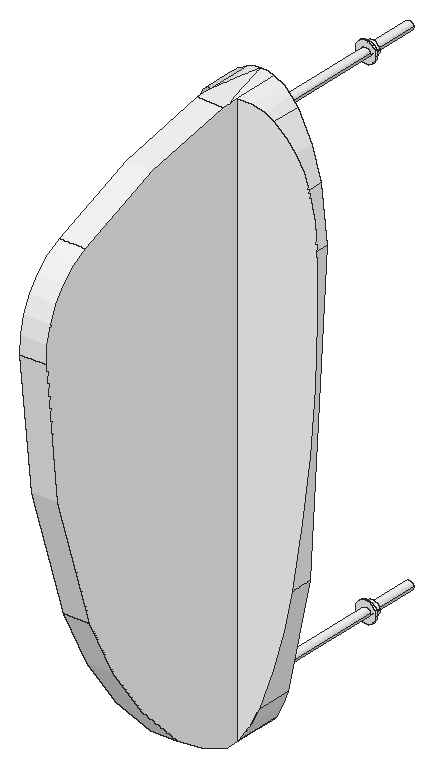
Revit family "NBS_WallgateLtd_WlHngUrnls_CWD-01", category Plumbing Fixtures, Revit 2014
Parameters (values of type "CWD-01")
  Weight = "13.5 kg"
  WaterSupplyOverflowAndWasteWaste = "n/a"
  WaterSupplyOverflowAndWasteOverflow = "n/a"
  WaterSupplyOverflowAndWasteHolesWaterSupply = "n/a"
  WasteOptions = ""
  WarrantyStartDate [instance] = "1900-12-31T23:59:59"
  WarrantyGuarantorParts = "n/a"
  WarrantyGuarantorLabor = "n/a"
  WarrantyDurationUnit = "year"
  WarrantyDurationParts = "1"
  WarrantyDurationLabor = "n/a"
  WarrantyDescription = "n/a"
  WallThicknessOptions = ""
  WallThicknessCalc [instance] = if(WallThickness > MaximumWallThickness, MaximumWallThickness, WallThickness)  # 150 mm
  WallThickness [instance] = 200 mm
  Version = "1"
  UrinalType = "Other"
  UrinalMaterial = "High-grade solid surface material"
  UrinalDividerMaterial = NBS_Concept
  UrinalColor = "n/a"
  Uniclass2 = "45-31-93/482"
  ThirdPartyCertification = "n/a"
  TagNumber [instance] = "n/a"
  SustainabilityPerformance = "n/a"
  Standards = "n/a"
  SpilloverLevel = 0 mm
  Size = "675 x 150 x 327 mm"
  Shape = "n/a"
  SerialNumber [instance] = "n/a"
  Revision = "n/a"
  ReplacementCost = "n/a"
  ProductInformation = "www.wallgate.com/products/urinals-and-accessories/cwu-urinal-shroud-dividers"
  OperationCompatibility = ""
  NominalWidth = 150 mm
  NominalLength = 0 mm
  NominalHeight = 675 mm
  NominalDepth = 327 mm
  Name = "WallHungUrinals_CWD-01_WallgateLtd"
  NBSTypeID = "n/a"
  NBSReference = "45-35-70/350"
  NBSOfficeMasterTag = "n/a"
  NBSNote = "n/a"
  NBSDescription = "Wall hung urinals"
  NBSCertification = "www.nationalbimlibrary.com/cert/qjaw4alj"
  ModelReference = "n/a"
  ModelNumber = "CWD-01"
  MaximumWallThickness = 150 mm
  MaterialsColourAndFinish = "n/a"
  MaterialsBody = "Solid surface"
  Material = "Solid surface"
  ManufacturerURL = "www.wallgate.com"
  ManufacturerName = "Wallgate Ltd"
  Manufacturer = "sales@wallgate.com"  # constant formula
  IntegralAccessoryOptions = "CWU Urinals, CWUS Urinal Shroud, CIST Cisterns, DFKIT-CWU Potable Direct Flush Valves, WDC Electronic Controllers"
  IntegralAccessories = "n/a"
  InstallationDate [instance] = "1900-12-31T23:59:59"
  IfcExportType = "URINAL"
  IfcExportAs = "IfcSanitaryTerminalType"
  Grade = "n/a"
  FixingMaterial = NBS_Concept
  Finish = "n/a"
  Features = "n/a"
  ExpectedLife = "n/a"
  DurationUnit = "year"
  Durability = "Compliant to Grade 5"
  Description = "Anti-vandal solid surface urinal divider"
  Constituents = "n/a"
  ConnectingDimensions = "n/a"
  ColourOptions = "MA - Thames, MAH - Frost, MAW - White, MC - Bluestone, MCA - Aubergine, MCB - Diamantina, MCC - Black, MCD - Orange, MCE - Pink, MO - Slate, MS - Hyco, MCJ - Light Grey, MCF - NHS Blue"
  Color = "n/a"
  CodePerformance = "n/a"
  Category = "n/a"
  BarCode [instance] = "n/a"
  BIMObjectName = "NBS_WallgateLtd_WallHungWashUrinal_CWD-01"
  Author = "NBS"
  AssetType = "Fixed"
  AssetIdentifier [instance] = "n/a"
  AccessibilityPerformance = "n/a"
Types (2, lengths in mm): name | NominalWidth | NominalHeight | NominalDepth | Description
  (no name) | 0 | 0 | 0 | 0
  CWD-01 | 150 | 675 | 327 | "Anti-vandal solid surface urinal divider"
Values of the unnamed type that differ from the named types
  Weight = ""
  WaterSupplyOverflowAndWasteWaste = ""
  WaterSupplyOverflowAndWasteOverflow = ""
  WaterSupplyOverflowAndWasteHolesWaterSupply = ""
  WarrantyStartDate = ""
  WarrantyGuarantorParts = ""
  WarrantyGuarantorLabor = ""
  WarrantyDurationUnit = ""
  WarrantyDurationParts = ""
  WarrantyDurationLabor = ""
  WarrantyDescription = ""
  Version = ""
  UrinalType = ""
  UrinalMaterial = ""
  UrinalColor = ""
  Uniclass2 = ""
  ThirdPartyCertification = ""
  TagNumber = ""
  SustainabilityPerformance = ""
  Standards = ""
  Size = ""
  Shape = ""
  SerialNumber = ""
  Revision = ""
  ReplacementCost = ""
  ProductInformation = ""
  Name = ""
  NBSTypeID = ""
  NBSReference = ""
  NBSOfficeMasterTag = ""
  NBSNote = ""
  NBSDescription = ""
  ModelReference = ""
  ModelNumber = ""
  MaterialsColourAndFinish = ""
  MaterialsBody = ""
  Material = ""
  ManufacturerURL = ""
  ManufacturerName = ""
  IntegralAccessoryOptions = ""
  IntegralAccessories = ""
  InstallationDate = ""
  IfcExportType = ""
  IfcExportAs = ""
  Grade = ""
  Finish = ""
  Features = ""
  ExpectedLife = ""
  DurationUnit = ""
  Durability = ""
  Constituents = ""
  ConnectingDimensions = ""
  ColourOptions = ""
  Color = ""
  CodePerformance = ""
  Category = ""
  BarCode = ""
  BIMObjectName = ""
  Author = ""
  AssetType = ""
  AssetIdentifier = ""
  AccessibilityPerformance = ""
Reference planes
  plane 1 "Center (Front/Back)": y = 0
  plane 2: z = 0
  plane 3 "Center (Left/Right)": x = 0
  plane 4: y = 150
Forms (mm)
  Extrusion 1, solid, material "NBS_Concept" <- "UrinalDividerMaterial"
    sketch origin (350, 0, 0) x (0, 1, 0) y (0, 0, 1)
      loop
        arc (-72, 720.843) -> (-173.57, 700.219) -> (-270.278, 662.944) r 619.313
        arc (-270.278, 662.944) -> (-312.544, 624.151) -> (-326.533, 568.513) r 100
        arc (-326.533, 568.513) -> (-309.498, 418.649) -> (-264.172, 274.791) r 786.589
        arc (-264.172, 274.791) -> (-211.3, 180.177) -> (-139.033, 99.402) r 493.041
        arc (-139.033, 99.402) -> (-98.33, 74.333) -> (-53.65, 57.339) r 253.861
        line (-53.65, 57.339) -> (0, 57.339) -> (0, 725.046)
        arc (0, 725.046) -> (-36.061, 723.994) -> (-72, 720.843) r 619.313
    from -365 to -335
  Extrusion 2, solid, material "NBS_Concept" <- "UrinalDividerMaterial"
    sketch origin (350, 0, 0) x (1, 0, 0) y (0, 0, 1)
      loop
        arc (-350, 725.046) -> (-357.661, 724.221) -> (-365, 721.874) r 38.161
        arc (-365, 721.874) -> (-380.135, 712.295) -> (-391.666, 698.59) r 58.549
        arc (-391.666, 698.59) -> (-408.651, 665.843) -> (-418.834, 630.387) r 185.854
        arc (-418.834, 630.387) -> (-423.191, 599.343) -> (-425, 568.046) r 383.952
        arc (-425, 568.046) -> (-421.54, 392.51) -> (-405.244, 217.698) r 2397.472
        arc (-405.244, 217.698) -> (-395.613, 155.77) -> (-380.541, 94.938) r 707.715
        arc (-380.541, 94.938) -> (-374.688, 78.77) -> (-366.934, 63.423) r 142.865
        arc (-366.934, 63.423) -> (-364.616, 60.845) -> (-361.556, 59.214) r 10
        spline (-361.556, 59.214) -> (-360.6, 58.915) -> (-359.642, 58.642) -> (-358.682, 58.395) -> (-357.721, 58.174) -> (-356.759, 57.978) -> (-355.796, 57.809) -> (-354.831, 57.666) -> (-353.866, 57.548) -> (-352.9, 57.457) -> (-351.934, 57.392) -> (-350.967, 57.353) -> (-350, 57.339)
        spline (-350, 57.339) -> (-349.033, 57.353) -> (-348.066, 57.392) -> (-347.1, 57.457) -> (-346.134, 57.548) -> (-345.169, 57.666) -> (-344.204, 57.809) -> (-343.241, 57.978) -> (-342.279, 58.174) -> (-341.318, 58.395) -> (-340.358, 58.642) -> (-339.4, 58.915) -> (-338.444, 59.214)
        arc (-338.444, 59.214) -> (-335.384, 60.845) -> (-333.066, 63.423) r 10
        arc (-333.066, 63.423) -> (-325.312, 78.77) -> (-319.459, 94.938) r 142.865
        arc (-319.459, 94.938) -> (-304.387, 155.77) -> (-294.756, 217.698) r 707.715
        arc (-294.756, 217.698) -> (-278.46, 392.51) -> (-275, 568.046) r 2397.472
        arc (-275, 568.046) -> (-276.809, 599.343) -> (-281.166, 630.387) r 383.952
        arc (-281.166, 630.387) -> (-291.349, 665.843) -> (-308.334, 698.59) r 185.854
        arc (-308.334, 698.59) -> (-319.865, 712.295) -> (-335, 721.874) r 58.549
        arc (-335, 721.874) -> (-342.339, 724.221) -> (-350, 725.046) r 38.161
    from 0 to 53.65
  Extrusion 3, void
    sketch origin (350, 0, 0) x (1, 0, 0) y (0, 0, 1)
      loop
        arc (-350, 725.046) -> (-357.661, 724.221) -> (-365, 721.874) r 38.161
        arc (-365, 721.874) -> (-380.135, 712.295) -> (-391.666, 698.59) r 58.549
        arc (-391.666, 698.59) -> (-408.651, 665.843) -> (-418.834, 630.387) r 185.854
        arc (-418.834, 630.387) -> (-423.191, 599.343) -> (-425, 568.046) r 383.952
        arc (-425, 568.046) -> (-421.54, 392.51) -> (-405.244, 217.698) r 2397.472
        arc (-405.244, 217.698) -> (-395.613, 155.77) -> (-380.541, 94.938) r 707.715
        arc (-380.541, 94.938) -> (-374.688, 78.77) -> (-366.934, 63.423) r 142.865
        arc (-366.934, 63.423) -> (-364.616, 60.845) -> (-361.556, 59.214) r 10
        spline (-361.556, 59.214) -> (-360.6, 58.915) -> (-359.642, 58.642) -> (-358.682, 58.395) -> (-357.721, 58.174) -> (-356.759, 57.978) -> (-355.796, 57.809) -> (-354.831, 57.666) -> (-353.866, 57.548) -> (-352.9, 57.457) -> (-351.934, 57.392) -> (-350.967, 57.353) -> (-350, 57.339)
        spline (-350, 57.339) -> (-349.033, 57.353) -> (-348.066, 57.392) -> (-347.1, 57.457) -> (-346.134, 57.548) -> (-345.169, 57.666) -> (-344.204, 57.809) -> (-343.241, 57.978) -> (-342.279, 58.174) -> (-341.318, 58.395) -> (-340.358, 58.642) -> (-339.4, 58.915) -> (-338.444, 59.214)
        arc (-338.444, 59.214) -> (-335.384, 60.845) -> (-333.066, 63.423) r 10
        arc (-333.066, 63.423) -> (-325.312, 78.77) -> (-319.459, 94.938) r 142.865
        arc (-319.459, 94.938) -> (-304.387, 155.77) -> (-294.756, 217.698) r 707.715
        arc (-294.756, 217.698) -> (-278.46, 392.51) -> (-275, 568.046) r 2397.472
        arc (-275, 568.046) -> (-276.809, 599.343) -> (-281.166, 630.387) r 383.952
        arc (-281.166, 630.387) -> (-291.349, 665.843) -> (-308.334, 698.59) r 185.854
        arc (-308.334, 698.59) -> (-319.865, 712.295) -> (-335, 721.874) r 58.549
        arc (-335, 721.874) -> (-342.339, 724.221) -> (-350, 725.046) r 38.161
      loop
        line (-445.073, 758.367) -> (-445.073, 48.367) -> (-250.073, 48.367) -> (-250.073, 758.367) -> (-445.073, 758.367)
    from 0 to 366.164
  Extrusion 4, void
    sketch origin (350, 0, 0) x (1, 0, 0) y (0, 1, 0)
      loop
        line (-335, -53.65) -> (-335, -62.802) -> (-272.1, -62.802) -> (-272.1, -12.802)
        arc (-272.1, -12.802) -> (-304.564, -31.664) -> (-335, -53.65) r 378.396
      loop
        arc (-365, -53.65) -> (-395.436, -31.664) -> (-427.9, -12.802) r 378.396
        line (-427.9, -12.802) -> (-427.9, -62.802) -> (-365, -62.802) -> (-365, -53.65)
    from 0 to 779.677
  Extrusion 5, void
    sketch origin (350, 0, 0) x (0, 1, 0) y (0, 0, 1)
      loop
        line (0, 725.046) -> (-53.65, 725.046) -> (-53.65, 722.715)
        arc (-53.65, 722.715) -> (-26.85, 724.463) -> (0, 725.046) r 618.74
    from -429.095 to -249.491
  Extrusion 6, solid, material "NBS_Concept" <- "FixingMaterial"
    sketch origin (350, 0, 0) x (1, 0, 0) y (0, 0, 1)
      loop
        circle (-350, 675.046) r 5
      loop
        circle (-350, 100.046) r 5
    from -212 to 0
  Extrusion 7, solid, material "NBS_Concept" <- "FixingMaterial", detail levels fine
    sketch origin (350, 50, 0) x (1, 0, 0) y (0, 0, 1)
      loop
        circle (-350, 675.046) r 5
      loop
        circle (-350, 100.046) r 5
      loop
        circle (-350, 100.046) r 8.455
      loop
        circle (-350, 675.046) r 8.471
    from -101.6 to -109.3
  Extrusion 8, solid, material "NBS_Concept" <- "FixingMaterial", detail levels fine
    sketch origin (350, 50, 0) x (1, 0, 0) y (0, 0, 1)
      loop
        circle (-350, 675.046) r 5
      loop
        circle (-350, 100.046) r 5
      loop
        circle (-350, 100.046) r 12
      loop
        circle (-350, 675.046) r 12
    from -100 to -101.6
Cuts and joins
  Extrusion 3 cuts Extrusion 1
  Extrusion 4, Extrusion 5 cuts Extrusion 2
  joined: Extrusion 1, Extrusion 2
  joined: Extrusion 7, Extrusion 8
Dimensions and locks
  "WallThicknessCalc": plane 4 to plane 1 "Center (Front/Back)"
  Extrusion 6 to plane 4 = 62 mm
  cut or joined group of Extrusion 7, Extrusion 8 to cut or joined group of Extrusion 7, Extrusion 8 = 1.6 mm
  locked: cut or joined group of Extrusion 7, Extrusion 8 to cut or joined group of Extrusion 7, Extrusion 8 at 1.6
  locked: cut or joined group of Extrusion 7, Extrusion 8 to cut or joined group of Extrusion 7, Extrusion 8 at 7.7
  "MaximumWallThickness": plane 1 "Center (Front/Back)" to plane 4
  aligned and locked: level to plane 2
  aligned and locked: plane 4 to Extrusion 8
  aligned and locked: plane 1 "Center (Front/Back)" to Extrusion 6
  aligned and locked: Extrusion 8 to plane 4  (x2)
  aligned and locked: cut or joined group of Extrusion 7, Extrusion 8 to cut or joined group of Extrusion 7, Extrusion 8  (x3)
  aligned and locked: Extrusion 7 to Extrusion 8
Automatic sketch dimensions
  Extrusion 1 sketch curve to Extrusion 1 sketch curve = 0 mm  (x3)
  Extrusion 1 sketch curve to plane 1 "Center (Front/Back)" = 0 mm
  level to Extrusion 1 sketch curve = 57.339 mm
  Extrusion 1 sketch curve to Extrusion 1 sketch curve = 53.65 mm
  plane 1 "Center (Front/Back)" to Extrusion 1 sketch curve = 326.533 mm
  Extrusion 1 sketch curve to Extrusion 1 sketch curve = 56.255 mm
  plane 1 "Center (Front/Back)" to Extrusion 1 sketch curve = 264.172 mm
  Extrusion 1 sketch curve to Extrusion 1 sketch curve = 43.646 mm
  Extrusion 1 sketch curve to Extrusion 1 sketch curve = 85.383 mm
  plane 1 "Center (Front/Back)" to Extrusion 1 sketch curve = 72 mm
  Extrusion 1 sketch curve to plane 1 "Center (Front/Back)" = 0.025 mm
  Extrusion 1 sketch curve to plane 1 "Center (Front/Back)" = 13.855 mm
  Extrusion 1 sketch curve to plane 4 = 40.054 mm
  Extrusion 1 sketch curve to Extrusion 1 sketch curve = 269.886 mm
  Extrusion 1 sketch curve to Extrusion 1 sketch curve = 667.706 mm
  Extrusion 1 sketch curve to Extrusion 1 sketch curve = 42.063 mm
  Extrusion 1 sketch curve to Extrusion 1 sketch curve = 48.393 mm
  Extrusion 1 sketch curve to Extrusion 1 sketch curve = 175.389 mm
  Extrusion 2 sketch curve to plane 3 "Center (Left/Right)" = 0 mm  (x2)
  Extrusion 2 sketch curve to plane 3 "Center (Left/Right)" = 0.234 mm
  Extrusion 2 sketch curve to plane 3 "Center (Left/Right)" = 8.374 mm
  Extrusion 2 sketch curve to plane 3 "Center (Left/Right)" = 8.453 mm
  Extrusion 2 sketch curve to Extrusion 2 sketch curve = 3.103 mm  (x2)
  Extrusion 2 sketch curve to plane 3 "Center (Left/Right)" = 15 mm
  Extrusion 2 sketch curve to Extrusion 2 sketch curve = 0 mm  (x9)
  Extrusion 2 sketch curve to Extrusion 2 sketch curve = 5.378 mm  (x2)
  Extrusion 2 sketch curve to plane 3 "Center (Left/Right)" = 30.541 mm
  Extrusion 2 sketch curve to Extrusion 2 sketch curve = 26.666 mm  (x2)
  Extrusion 2 sketch curve to plane 3 "Center (Left/Right)" = 55.244 mm
  Extrusion 2 sketch curve to plane 3 "Center (Left/Right)" = 68.834 mm
  Extrusion 2 sketch curve to Extrusion 2 sketch curve = 6.166 mm  (x2)
  Extrusion 2 sketch curve to Extrusion 2 sketch curve = 75.933 mm  (x2)
  Extrusion 2 sketch curve to Extrusion 2 sketch curve = 39.009 mm  (x2)
  level to Extrusion 2 sketch curve = 527.489 mm  (x2)
  Extrusion 2 sketch curve to Extrusion 2 sketch curve = 1673.935 mm  (x2)
  plane 3 "Center (Left/Right)" to Extrusion 2 sketch curve = 0.234 mm
  plane 3 "Center (Left/Right)" to Extrusion 2 sketch curve = 8.374 mm
  plane 3 "Center (Left/Right)" to Extrusion 2 sketch curve = 8.453 mm
  plane 3 "Center (Left/Right)" to Extrusion 2 sketch curve = 15 mm
  plane 3 "Center (Left/Right)" to Extrusion 2 sketch curve = 30.541 mm
  plane 3 "Center (Left/Right)" to Extrusion 2 sketch curve = 55.244 mm
  plane 3 "Center (Left/Right)" to Extrusion 2 sketch curve = 68.834 mm
  Extrusion 2 sketch curve to Extrusion 2 sketch curve = 194.889 mm  (x2)
  Extrusion 2 sketch curve to Extrusion 2 sketch curve = 339.297 mm  (x2)
  level to Extrusion 2 sketch curve = 371.339 mm
  level to Extrusion 2 sketch curve = 295.382 mm  (x2)
  Extrusion 2 sketch curve to Extrusion 2 sketch curve = 153.642 mm
  Extrusion 2 sketch curve to Extrusion 2 sketch curve = 82.297 mm
  Extrusion 2 sketch curve to Extrusion 2 sketch curve = 3.358 mm
  Extrusion 2 sketch curve to Extrusion 2 sketch curve = 5.298 mm  (x2)
  Extrusion 2 sketch curve to Extrusion 2 sketch curve = 30.397 mm
  Extrusion 3 sketch curve to plane 3 "Center (Left/Right)" = 95.073 mm
  level to Extrusion 3 sketch curve = 48.367 mm
  Extrusion 3 sketch curve to plane 3 "Center (Left/Right)" = 0 mm  (x2)
  plane 3 "Center (Left/Right)" to Extrusion 3 sketch curve = 99.927 mm
  level to Extrusion 3 sketch curve = 527.489 mm  (x2)
  Extrusion 3 sketch curve to plane 3 "Center (Left/Right)" = 114.009 mm
  Extrusion 3 sketch curve to Extrusion 3 sketch curve = 11.401 mm
  Extrusion 3 sketch curve to Extrusion 3 sketch curve = 39.009 mm  (x2)
  Extrusion 3 sketch curve to Extrusion 3 sketch curve = 0 mm  (x9)
  Extrusion 3 sketch curve to Extrusion 3 sketch curve = 45.175 mm
  Extrusion 3 sketch curve to plane 3 "Center (Left/Right)" = 55.244 mm
  Extrusion 3 sketch curve to plane 3 "Center (Left/Right)" = 41.666 mm
  Extrusion 3 sketch curve to plane 3 "Center (Left/Right)" = 30.541 mm
  Extrusion 3 sketch curve to plane 3 "Center (Left/Right)" = 16.934 mm
  Extrusion 3 sketch curve to plane 3 "Center (Left/Right)" = 15 mm
  Extrusion 3 sketch curve to Extrusion 3 sketch curve = 5.378 mm  (x2)
  Extrusion 3 sketch curve to plane 3 "Center (Left/Right)" = 8.453 mm
  Extrusion 3 sketch curve to plane 3 "Center (Left/Right)" = 8.374 mm
  Extrusion 3 sketch curve to plane 3 "Center (Left/Right)" = 0.234 mm
  plane 3 "Center (Left/Right)" to Extrusion 3 sketch curve = 0.234 mm
  plane 3 "Center (Left/Right)" to Extrusion 3 sketch curve = 8.374 mm
  plane 3 "Center (Left/Right)" to Extrusion 3 sketch curve = 8.453 mm
  Extrusion 3 sketch curve to Extrusion 3 sketch curve = 3.103 mm
  plane 3 "Center (Left/Right)" to Extrusion 3 sketch curve = 15 mm
  plane 3 "Center (Left/Right)" to Extrusion 3 sketch curve = 30.541 mm
  Extrusion 3 sketch curve to Extrusion 3 sketch curve = 26.666 mm
  plane 3 "Center (Left/Right)" to Extrusion 3 sketch curve = 55.244 mm
  plane 3 "Center (Left/Right)" to Extrusion 3 sketch curve = 68.834 mm
  Extrusion 3 sketch curve to Extrusion 3 sketch curve = 6.166 mm
  Extrusion 3 sketch curve to Extrusion 3 sketch curve = 75.933 mm
  Extrusion 3 sketch curve to Extrusion 3 sketch curve = 194.889 mm  (x2)
  Extrusion 3 sketch curve to Extrusion 3 sketch curve = 339.297 mm
  Extrusion 3 sketch curve to Extrusion 3 sketch curve = 1673.935 mm
  Extrusion 3 sketch curve to Extrusion 3 sketch curve = 710 mm
  level to Extrusion 3 sketch curve = 57.339 mm
  Extrusion 3 sketch curve to Extrusion 3 sketch curve = 1.875 mm  (x2)
  Extrusion 3 sketch curve to Extrusion 3 sketch curve = 4.208 mm  (x2)
  Extrusion 3 sketch curve to Extrusion 3 sketch curve = 26.217 mm  (x2)
  Extrusion 3 sketch curve to Extrusion 3 sketch curve = 3.358 mm
  Extrusion 3 sketch curve to Extrusion 3 sketch curve = 30.397 mm
  Extrusion 4 sketch curve to plane 3 "Center (Left/Right)" = 77.9 mm
  plane 3 "Center (Left/Right)" to Extrusion 4 sketch curve = 15 mm
  plane 1 "Center (Front/Back)" to Extrusion 4 sketch curve = 62.802 mm
  Extrusion 4 sketch curve to plane 3 "Center (Left/Right)" = 15 mm
  Extrusion 4 sketch curve to Extrusion 4 sketch curve = 62.9 mm
  plane 3 "Center (Left/Right)" to Extrusion 4 sketch curve = 251.525 mm
  Extrusion 4 sketch curve to Extrusion 4 sketch curve = 0 mm
  Extrusion 4 sketch curve to Extrusion 4 sketch curve = 9.152 mm  (x2)
  plane 1 "Center (Front/Back)" to Extrusion 4 sketch curve = 12.802 mm  (x2)
  Extrusion 5 sketch curve to plane 1 "Center (Front/Back)" = 0 mm
  plane 1 "Center (Front/Back)" to Extrusion 5 sketch curve = 53.65 mm
  level to Extrusion 5 sketch curve = 722.715 mm
  Extrusion 5 sketch curve to Extrusion 5 sketch curve = 2.33 mm
  Extrusion 6 sketch curve to plane 3 "Center (Left/Right)" = 0 mm  (x2)
  level to Extrusion 6 sketch curve = 100.046 mm
  Extrusion 6 sketch curve to Extrusion 6 sketch curve = 575 mm
  Extrusion 7 sketch curve to Extrusion 7 sketch curve = 0 mm  (x12)
  Extrusion 7 sketch curve to plane 3 "Center (Left/Right)" = 0 mm  (x2)
  Extrusion 7 sketch curve to plane 3 "Center (Left/Right)" = 5 mm  (x2)
  level to Extrusion 7 sketch curve = 100.046 mm
  Extrusion 7 sketch curve to Extrusion 7 sketch curve = 575 mm
  Extrusion 8 sketch curve to Extrusion 8 sketch curve = 0 mm  (x12)
  Extrusion 8 sketch curve to plane 3 "Center (Left/Right)" = 0 mm  (x2)
  Extrusion 8 sketch curve to plane 3 "Center (Left/Right)" = 5 mm  (x2)
  level to Extrusion 8 sketch curve = 100.046 mm
  Extrusion 8 sketch curve to Extrusion 8 sketch curve = 575 mm
  Extrusion 3 sketch curve to Extrusion 3 sketch curve = 2208.12 mm
  level to Extrusion 3 sketch curve = 295.382 mm
  Extrusion 4 sketch curve to plane 3 "Center (Left/Right)" = 251.525 mm
  radius of Extrusion 6 sketch curve = 5 mm  (x2)
  radius of Extrusion 7 sketch curve = 8.455 mm
  radius of Extrusion 7 sketch curve = 8.471 mm
  radius of Extrusion 8 sketch curve = 12 mm  (x2)
